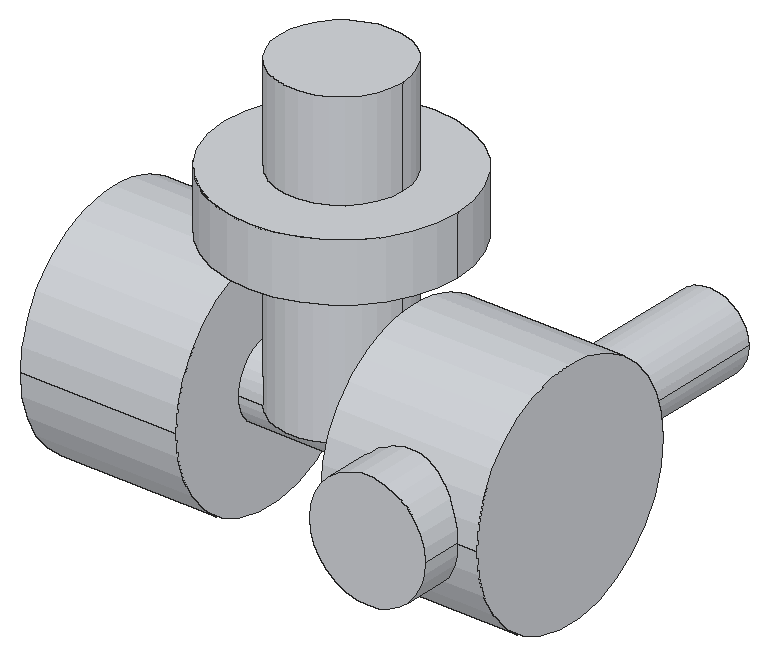
Revit family "270b681adf2c41b7823230b48e67da86", category Pipe Accessories, Revit 2021
Family settings
  Round Connector Dimension = Use Radius
  Part Type = Valve - Breaks Into
  OmniClass Number = 23.65.55.14.17
  OmniClass Title = Adjusting/Controlling Valves for Liquid Services
  Seek Item ID = Circuit Setter - 0.5-2 Inch-0000-USA-ENU
  Work Plane-Based = No
  Always vertical = Yes
  Cut with Voids When Loaded = No
  Shared = No
Parameters (values of type "1/2"")
  Socket Radius = (Nominal Diameter / 2) + 0' 0 1/2"  # 0' - 0 3/4"
  Pressure Drop [instance] = 21.676 psi
  Overall Width = 0' - 2 3/4"
  Overall Length = 0' - 2 15/16"
  Overall Height = 0' - 2 3/16"
  Nominal Radius = 1/4"
  Nominal Diameter = Nominal Radius * 2  # 1/2"
  Length 1 = Overall Height - Socket Radius  # 0' - 1 7/16"
  K Coefficient = 4.54
  Height2 = Socket Radius + 0' 0 1/4"  # 0' - 1"
  Height 1 = Overall Width - Socket Radius  # 0' - 2"
  Default Elevation = 0' - 0"
  Circuit Setter Material = none
  Body Radius = Nominal Radius  # 0' - 0 1/4"
Types (7): name | Socket Radius | Overall Width | Overall Length | Overall Height | Nominal Radius | Nominal Diameter | Length 1 | K Coefficient | Height2 | Height 1 | Body Radius
  (no name) | 0' - 0 3/4" | 0' - 2 3/4" | 0' - 2 15/16" | 0' - 2 3/16" | 1/4" | 1/2" | 0' - 1 7/16" | 4.54 | 0' - 1" | 0' - 2" | 0' - 0 1/4"
  1/2" | 0' - 0 3/4" | 0' - 2 3/4" | 0' - 2 15/16" | 0' - 2 3/16" | 1/4" | 1/2" | 0' - 1 7/16" | 4.54 | 0' - 1" | 0' - 2" | 0' - 0 1/4"
  3/4" | 0' - 0 7/8" | 0' - 2 15/16" | 0' - 3 1/16" | 0' - 2 3/8" | 3/8" | 3/4" | 0' - 1 1/2" | 6.79 | 0' - 1 1/8" | 0' - 2 1/16" | 0' - 0 3/8"
  1" | 0' - 1" | 0' - 3 3/16" | 0' - 3 15/16" | 0' - 2 11/16" | 1/2" | 1" | 0' - 1 11/16" | 5.09 | 0' - 1 1/4" | 0' - 2 3/16" | 0' - 0 1/2"
  1 1/4" | 0' - 1 1/8" | 0' - 3 1/2" | 0' - 4 3/8" | 0' - 3 9/32" | 5/8" | 1 1/4" | 0' - 2 5/32" | 1.08 | 0' - 1 3/8" | 0' - 2 3/8" | 0' - 0 5/8"
  1 1/2" | 0' - 1 1/4" | 0' - 3 13/16" | 0' - 4 7/16" | 0' - 3 15/32" | 3/4" | 1 1/2" | 0' - 2 7/32" | 0.51 | 0' - 1 1/2" | 0' - 2 9/16" | 0' - 0 3/4"
  2" | 0' - 1 1/2" | 0' - 4 1/4" | 0' - 5 1/8" | 0' - 4 1/32" | 1" | 2" | 0' - 2 17/32" | 2.61 | 0' - 1 3/4" | 0' - 2 3/4" | 0' - 1"
Reference planes (in)
  plane 1 "Center (Front/Back)": y = 0
  plane 2: z = 0
  plane 3 "Center (Left/Right)": x = 0
  plane 4: x = -1.46875
  plane 5: x = 1.46875
  plane 6: y = 1.75
  plane 7: y = -1
  plane 8: x = -0.46875
  plane 9: y = -0.75
  plane 10: y = 0.75
  plane 11: x = 0.46875
  plane 12: z = 1
  plane 13: z = 1.375
  plane 14: z = 2
  plane 15: x = 0.96875
  plane 16: x = -0.96875
Forms (in)
  Extrusion 1, solid, material <- "Circuit Setter Material", detail levels fine
    sketch origin (0, 0, 0) x (0, 1, 0) y (0, 0, 1)
      loop
        circle (0, 0) r 0.75
    from 0.46875 to 1.46875
  Extrusion 2, solid, material <- "Circuit Setter Material", detail levels fine
    sketch origin (0, 0, 0) x (0, 1, 0) y (0, 0, -1)
      loop
        circle (0, 0) r 0.75
    from 0.46875 to 1.46875
  Extrusion 3, solid, material <- "Circuit Setter Material", detail levels fine
    sketch origin (0.9375, 0, 0) x (0, 1, 0) y (0, 0, -1)
      loop
        circle (0, 0) r 0.25
    from 0.46875 to 1.40625
  Extrusion 4, solid, material <- "Circuit Setter Material", detail levels fine
    sketch origin (0, 0, 0) x (1, 0, 0) y (0, 1, 0)
      loop
        circle (0, 0) r 0.75
    from 1.375 to 1
  Extrusion 5, solid, material <- "Circuit Setter Material", detail levels fine
    sketch origin (0, 0, 0) x (1, 0, 0) y (0, 1, 0)
      loop
        circle (0, 0) r 0.39586
    from 0 to 2
  Extrusion 6, solid, material <- "Circuit Setter Material", detail levels fine
    sketch origin (0, 0, 0) x (1, 0, 0) y (0, 0, 1)
      loop
        circle (-0.96875, 0) r 0.25
    from 0 to -1.75
  Extrusion 7, solid, material <- "Circuit Setter Material", detail levels fine
    sketch origin (0, 0, 0) x (-1, 0, 0) y (0, 0, -1)
      loop
        circle (-0.96875, 0) r 0.25
    from 0 to -1.75
  Extrusion 8, solid, material <- "Circuit Setter Material", detail levels fine
    sketch origin (0, 0, 0) x (-1, 0, 0) y (0, 0, 1)
      loop
        circle (-0.96875, 0) r 0.375
    from 0 to -1
Cuts and joins
  joined: Extrusion 1, Extrusion 2, Extrusion 3, Extrusion 4, Extrusion 5, Extrusion 6, Extrusion 7, Extrusion 8
Lines and regions (in)
  model lines, detail levels coarse+medium
    curve 1: line (0, 0, 0) -> (1.46875, 0.84798, 0)
    curve 2: line (0, 0, 0) -> (1.46875, -0.84798, 0)
    curve 3: line (1.46875, 0.84798, 0) -> (1.46875, -0.84798, 0)
    curve 4: line (0, 0, 0) -> (-1.46875, 0.84798, 0)
    curve 5: line (0, 0, 0) -> (-1.46875, -0.84798, 0)
    curve 6: line (-1.46875, 0.84798, 0) -> (-1.46875, -0.84798, 0)
  model lines
    curve 7: line (-0.96875, 1.75, 0) -> (-0.96875, 0.55931, 0)
    curve 8: line (0.96875, 1.75, 0) -> (0.96875, 0.55931, 0)
Dimensions and locks (in)
  equal spacing: plane 4, plane 3 "Center (Left/Right)", plane 5
  "Overall Length": plane 4 to plane 5
  locked: plane 4 to plane 8 at 1
  equal spacing: plane 9, plane 1 "Center (Front/Back)", plane 10
  "Socket Radius": plane 9 to plane 1 "Center (Front/Back)"
  locked: plane 9 to plane 7 at 0.25
  "Overall Width": plane 6 to plane 7
  plane 11 to plane 5 = 0' - 1"
  equal spacing: plane 8, plane 3 "Center (Left/Right)", plane 11
  plane 4 to plane 8 = 0' - 1"
  "Height2": plane 12 to plane 2
  locked: plane 13 to plane 12 at 0.375
  "Height 1": plane 14 to plane 2
  equal spacing: plane 4, plane 16, plane 8
  equal spacing: plane 11, plane 15, plane 5
  "Socket Radius": radius of Extrusion 1 sketch curve
  "Socket Radius": radius of Extrusion 2 sketch curve
  "Nominal Radius": radius of Extrusion 3 sketch curve
  radius of Extrusion 4 sketch curve = 0' - 0 3/4"
  radius of Extrusion 6 sketch curve = 0' - 0 1/4"
  radius of Extrusion 7 sketch curve = 0' - 0 1/4"
  radius of Extrusion 8 sketch curve = 0' - 0 3/8"
  locked: plane 1 "Center (Front/Back)" to curve 1 (angle 30.00°)
  locked: curve 2 to plane 1 "Center (Front/Back)" (angle 30.00°)
  locked: curve 4 to plane 1 "Center (Front/Back)" (angle 30.00°)
  locked: plane 1 "Center (Front/Back)" to curve 5 (angle 30.00°)
  aligned and locked: plane 1 "Center (Front/Back)" to Extrusion 1 sketch curve
  aligned and locked: level to Extrusion 1 sketch curve
  aligned and locked: plane 5 to Extrusion 1
  aligned and locked: Extrusion 2 to plane 4
  aligned and locked: plane 8 to Extrusion 2
  aligned and locked: plane 11 to Extrusion 1
  aligned and locked: plane 1 "Center (Front/Back)" to Extrusion 2 sketch curve
  aligned and locked: plane 2 to Extrusion 2 sketch curve
  aligned and locked: plane 1 "Center (Front/Back)" to Extrusion 3 sketch curve
  aligned and locked: plane 2 to Extrusion 3 sketch curve
  aligned and locked: Extrusion 3 to plane 8
  aligned and locked: Extrusion 3 to Extrusion 1
  aligned and locked: plane 3 "Center (Left/Right)" to Extrusion 4 sketch curve
  aligned and locked: plane 1 "Center (Front/Back)" to Extrusion 4 sketch curve
  aligned and locked: plane 12 to Extrusion 4
  aligned and locked: plane 3 "Center (Left/Right)" to Extrusion 5 sketch curve
  aligned and locked: plane 1 "Center (Front/Back)" to Extrusion 5 sketch curve
  aligned and locked: plane 13 to Extrusion 4
  aligned and locked: plane 14 to Extrusion 5
  aligned and locked: plane 16 to Extrusion 6 sketch curve
  aligned and locked: plane 2 to Extrusion 6 sketch curve
  aligned and locked: plane 15 to Extrusion 7 sketch curve
  aligned and locked: level to Extrusion 7 sketch curve
  aligned and locked: plane 6 to Extrusion 7
  aligned and locked: plane 6 to Extrusion 6
  aligned and locked: Extrusion 8 to plane 7
  aligned and locked: Extrusion 8 to plane 1 "Center (Front/Back)"
  aligned and locked: plane 1 "Center (Front/Back)" to curve 1
  aligned and locked: plane 5 to curve 1
  aligned and locked: plane 3 "Center (Left/Right)" to curve 1
  aligned and locked: cut or joined group 1 (Extrusion 1, Extrusion 2, Extrusion 3, Extrusion 4, Extrusion 5, Extrusion 6, Extrusion 7, Extrusion 8) to plane 4
  aligned and locked: curve 7 to cut or joined group 1
  aligned and locked: curve 7 to plane 16
  aligned and locked: cut or joined group 1 to curve 8
  aligned and locked: curve 8 to plane 15
Automatic sketch dimensions
  Extrusion 8 sketch curve to level = 0' - 0"
  Extrusion 8 sketch curve to plane 15 = 0' - 0"
  curve 6 to plane 4 = 0' - 0"
  radius of Extrusion 5 sketch curve = 0' - 0.39586"
Connectors (in)
  piping at (-1.46875, 0, 0), diameter 0.5, driven by "Nominal Radius"
    settings: on cut or joined group 1, index 1, connector inside diameter 1/2", connector length 0' - 0", flow factor 0, pipe flow 0 GPM, pressure drop 0.00 psi, fitting loss kfactor 0, connector angle 0.00°, fixture units 0, engagement length 0' - 0", angle of deflection 0.00°, flow configuration 0, flow direction 0, fitting loss method 2, system type 29, joint type 0, gender type 0, connector reference index 2, connector utility 0, adjustable connector no, is connector primary yes, connector description ""
  piping at (1.46875, 0, 0), diameter 0.5, driven by "Nominal Radius", driven by "K Coefficient"
    settings: on cut or joined group 1, index 2, connector inside diameter 1/2", connector length 0' - 0", flow factor 0, pipe flow 0 GPM, pressure drop 0.00 psi, fitting loss kfactor 4.54, connector angle 0.00°, fixture units 0, engagement length 0' - 0", angle of deflection 0.00°, flow configuration 0, flow direction 0, fitting loss method 2, system type 29, joint type 0, gender type 0, connector reference index 1, connector utility 0, adjustable connector no, is connector primary no, connector description ""
